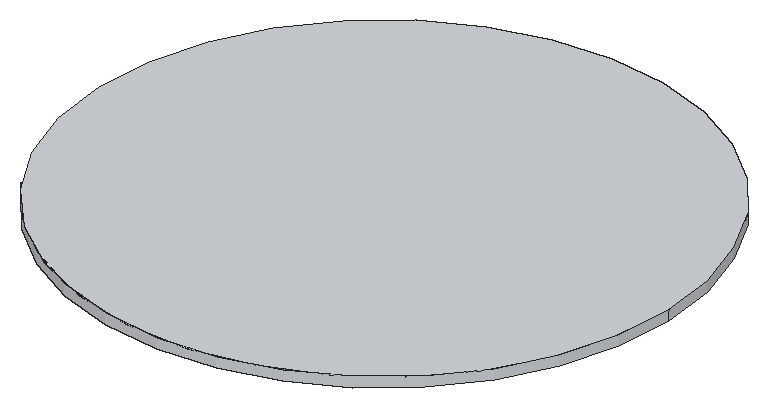
Revit family "CITY", category Lighting Fixtures, host Face, Revit 2023 (continued)
Types (10, lengths in mm): name | Radio | Photometric Web File | built-in parameter 1150142 | Manufacturer | LuxLight_Watios | LuxLight_Temperatura | LuxLight_Lumenes
  LISUP0584 | 297 | "LISUP058401 .ies" | "IESNA:LM-63-2002\r\n[TEST] Viso  - serial: n/a sensor serial: n/a\r\n[TESTLAB] Viso  - serial: n/a sensor serial: n/a - Test lab\r\n[MANUFAC] LUX LIGHT\r\n[ISSUEDATE] 12/9/2025\r\n[LUMINAIRE] CITY ROUND 4000K 5W Ø80x55\r\n[LUMCAT] N/A\r\nTILT=NONE\r\n1 370 1 181 17 1 2 -0.075 -0.075 0\r\n1.0 1.0 5.00\r\n0 1 2 3 4 5 6 7 8 9 10 11 12 13 14 15 16 17 18 19 20 21 22 23 24 25 26 27 28 29 30 31 32 33 34 35 36 37 38 39 40 41 42 43 44 45 46 47 48 49 50 51 52 53 54 55 56 57 58 59 60 61 62 63 64 65 66 67 68 69 70 71 72 73 74 75 76 77 78 79 80\r\n 81 82 83 84 85 86 87 88 89 90 91 92 93 94 95 96 97 98 99 100 101 102 103 104 105 106 107 108 109 110 111 112 113 114 115 116 117 118 119 120 121 122 123 124 125 126 127 128 129 130 131 132 133 134 135 136 137 138 139 140 141 142 143\r\n 144 145 146 147 148 149 150 151 152 153 154 155 156 157 158 159 160 161 162 163 164 165 166 167 168 169 170 171 172 173 174 175 176 177 178 179 180\r\n0 22.5 45 67.5 90 112.5 135 157.5 180 202.5 225 247.5 270 292.5 315 337.5 360 \r\n142.145828 142.009399 141.939102 141.761505 141.565399 141.306412 140.966034 140.625626 140.222351 139.756165 139.289978 138.690598 138.143005 137.525131 136.77034 136.056274 135.208984 134.432022 133.573624 132.604263 131.642288 130.66922\r\n 129.500046 128.427078 127.228317 126.081345 124.889977 123.517319 122.20385 120.901489 119.380836 118.015572 116.435722 114.926155 113.427704 111.67025 110.086693 108.403244 106.501495 104.803246 102.860802 100.970154 99.160904 97.011269\r\n 94.961525 92.978378 90.691841 88.634697 86.237167 84.065331 81.904587 79.333168 77.017029 74.493698 72.055473 69.706032 66.957016 64.529884 62.05835 59.20573 56.704601 53.922279 51.232452 48.546329 45.671509 42.922489 40.277061 37.380047\r\n 34.590324 31.663708 28.873985 26.228559 23.268644 20.427124 17.533806 14.473991 11.673171 8.550459 6.01603 3.710995 2.149639 1.631654 1.261665 0.910174 0.640082 0.432888 0.299692 0.207194 0.166495 0.144296 0.144296 0.144296 0.155396\r\n 0.155396 0.166495 0.177595 0.184995 0.196094 0.207194 0.218294 0.236793 0.236793 0.247893 0.270092 0.270092 0.299692 0.310791 0.321891 0.329291 0.35149 0.36259 0.381089 0.403289 0.414388 0.432888 0.455087 0.484686 0.484686 0.495786\r\n 0.517985 0.529085 0.547585 0.569784 0.577184 0.577184 0.599383 0.621582 0.628982 0.651182 0.662281 0.680781 0.691881 0.71408 0.72518 0.732579 0.754779 0.765878 0.784378 0.806577 0.817677 0.836176 0.847276 0.858376 0.869475 0.887975\r\n 0.899075 0.910174 0.921274 0.939773 0.961973 0.973073 0.973073 0.973073 0.980472 0.980472 1.002672 1.024871 1.013771 1.032271 1.032271 1.043371 1.05447 1.06557 1.06557 1.084069 1.084069 1.106269 1.095169 1.106269 1.106269 1.117369\r\n 1.117369 1.128468 1.135868 1.135868 1.158067 1.135868 1.135868 1.135868 1.146968 1.146274\r\n142.145828 142.124084 142.009399 141.854004 141.639404 141.369324 141.040024 140.688538 140.233444 139.807968 139.301071 138.712799 138.154114 137.480728 136.77034 136.004471 135.157181 134.328415 133.462631 132.459961 131.516495 130.513824\r\n 129.418655 128.26059 127.072914 125.94445 124.71608 123.339722 122.02626 120.672096 119.184746 117.738083 116.165627 114.604263 113.135414 111.37796 109.787003 108.173851 106.2314 104.422157 102.487106 100.637161 98.694717 96.533974\r\n 94.621132 92.523293 90.332954 88.131516 85.815384 83.551041 81.368103 78.826279 76.573044 73.916519 71.589279 69.099251 66.46122 63.919399 61.436768 58.573048 56.020123 53.289597 50.581272 47.969147 44.99073 42.363808 39.729477 36.677067\r\n 33.990944 30.949629 28.293102 25.514481 22.547165 19.735243 17.04542 13.996705 11.351279 8.528259 5.849535 3.433503 2.108941 1.664953 1.272764 0.928674 0.662281 0.455087 0.310791 0.218294 0.184995 0.155396 0.166495 0.155396 0.166495\r\n 0.166495 0.177595 0.184995 0.196094 0.207194 0.218294 0.225694 0.236793 0.258993 0.277492 0.288592 0.299692 0.310791 0.321891 0.34039 0.35149 0.373689 0.392189 0.425488 0.455087 0.466187 0.517985 0.517985 0.529085 0.529085 0.558684\r\n 0.569784 0.588283 0.610483 0.628982 0.628982 0.651182 0.680781 0.680781 0.691881 0.71408 0.71408 0.743679 0.754779 0.765878 0.784378 0.806577 0.817677 0.836176 0.847276 0.869475 0.880575 0.887975 0.910174 0.921274 0.939773 0.950873\r\n 0.973073 0.980472 1.002672 1.013771 1.024871 1.032271 1.043371 1.05447 1.06557 1.06557 1.07667 1.084069 1.095169 1.117369 1.117369 1.117369 1.095169 1.084069 1.084069 1.095169 1.106269 1.106269 1.106269 1.117369 1.128468 1.128468\r\n 1.135868 1.146968 1.146968 1.146968 1.146968 1.158067 1.158067 1.158067 1.158067 1.146274\r\n142.145828 142.227692 142.112991 141.946503 141.742996 141.495117 141.151016 140.71814 140.292648 139.83757 139.31218 138.723892 138.165207 137.462219 136.788834 135.971176 135.105392 134.265518 133.388641 132.397064 131.4758 130.462021\r\n 129.274353 128.145889 126.906425 125.707649 124.52739 123.121429 121.852364 120.464905 118.966446 117.58268 115.958427 114.378571 112.869019 111.048676 109.465111 107.770561 105.86882 104.059563 102.094925 100.267166 98.39502 96.119591\r\n 94.095741 92.079308 89.844566 87.643127 85.319595 83.033058 80.831619 78.267593 75.992157 73.357834 70.978798 68.599762 65.839645 63.286716 60.807789 58.047665 55.39854 52.608814 49.922691 47.314266 44.328449 41.701527 38.930302 36.007385\r\n 33.350861 30.413141 27.66412 24.903997 22.029179 19.309757 16.705029 13.708114 11.184784 8.48756 6.212125 4.051385 2.201438 1.676053 1.280164 0.961973 0.680781 0.466187 0.321891 0.218294 0.166495 0.144296 0.144296 0.144296 0.155396\r\n 0.166495 0.166495 0.177595 0.184995 0.196094 0.207194 0.218294 0.236793 0.270092 0.288592 0.299692 0.288592 0.288592 0.310791 0.310791 0.321891 0.34039 0.35149 0.381089 0.392189 0.403289 0.425488 0.432888 0.443987 0.466187 0.484686\r\n 0.495786 0.517985 0.536485 0.558684 0.588283 0.621582 0.651182 0.662281 0.680781 0.70298 0.71408 0.732579 0.743679 0.754779 0.765878 0.776978 0.806577 0.828777 0.836176 0.847276 0.869475 0.887975 0.899075 0.921274 0.928674 0.961973\r\n 0.973073 0.991572 1.002672 1.013771 1.032271 1.043371 1.05447 1.06557 1.07667 1.084069 1.095169 1.106269 1.117369 1.128468 1.135868 1.135868 1.146968 1.158067 1.158067 1.169167 1.158067 1.117369 1.106269 1.106269 1.106269 1.106269\r\n 1.117369 1.106269 1.117369 1.128468 1.128468 1.128468 1.135868 1.135868 1.135868 1.146274\r\n142.145828 142.32019 142.20549 141.990906 141.8022 141.576508 141.184311 140.821732 140.366653 139.952255 139.456467 138.827484 138.194809 137.554718 136.788834 136.067368 135.186783 134.36911 133.44043 132.478455 131.464691 130.495316\r\n 129.303955 128.208786 126.93602 125.789055 124.53849 123.154732 121.819069 120.498207 118.936844 117.519791 115.854836 114.345276 112.732117 110.985771 109.26902 107.626266 105.683815 103.926369 101.939522 100.008179 98.136032 95.860596\r\n 93.88855 91.79071 89.555977 87.458138 84.997704 82.825867 80.498634 78.008606 75.611069 73.047043 70.545906 68.103981 65.210663 62.583733 59.856915 56.993195 54.199772 51.254654 48.546329 45.653015 42.508102 39.759079 36.976757 33.961342\r\n 31.116123 28.189505 25.451582 22.754358 20.075634 17.6966 15.26947 12.735042 10.389307 8.002874 5.860634 3.699896 2.005343 1.509557 1.187667 0.858376 0.640082 0.443987 0.321891 0.218294 0.166495 0.144296 0.144296 0.155396 0.155396\r\n 0.166495 0.155396 0.177595 0.196094 0.196094 0.218294 0.225694 0.258993 0.299692 0.288592 0.310791 0.321891 0.34039 0.36259 0.373689 0.381089 0.403289 0.392189 0.392189 0.392189 0.403289 0.425488 0.432888 0.443987 0.466187 0.484686\r\n 0.495786 0.517985 0.529085 0.547585 0.569784 0.599383 0.621582 0.628982 0.651182 0.673381 0.691881 0.70298 0.732579 0.754779 0.784378 0.795478 0.817677 0.836176 0.836176 0.858376 0.880575 0.887975 0.910174 0.928674 0.939773 0.950873\r\n 0.961973 0.961973 0.991572 1.013771 1.032271 1.043371 1.06557 1.06557 1.084069 1.095169 1.095169 1.117369 1.128468 1.135868 1.146968 1.146968 1.158067 1.169167 1.180267 1.187667 1.180267 1.158067 1.135868 1.146968 1.146968 1.135868\r\n 1.135868 1.128468 1.128468 1.146968 1.135868 1.146968 1.135868 1.135868 1.135868 1.146274\r\n142.145828 142.453384 142.309082 142.094482 141.887299 141.554306 141.20282 140.810638 140.355545 139.848663 139.334381 138.683197 138.061615 137.377121 136.592758 135.849075 134.938904 134.080521 133.192551 132.18988 131.146515 130.058731\r\n 128.911774 127.816597 126.514229 125.252571 124.064903 122.647842 121.264084 119.906219 118.348564 116.8908 115.18515 113.675598 112.062439 110.264297 108.536438 106.727196 104.825447 103.038391 100.947952 98.994408 97.051964 94.909721\r\n 92.800781 90.580841 88.346115 86.122475 83.610245 81.275612 78.815178 75.951454 73.40963 70.512611 67.959686 65.262459 62.398743 59.586823 56.712002 53.63369 50.729271 47.532562 44.753937 41.805122 38.734207 35.829788 32.936474 29.939554\r\n 27.024038 24.004923 21.141203 18.369982 14.988277 12.982934 10.400407 7.836379 6.090028 4.25858 2.893318 1.798149 1.354162 1.05447 0.817677 0.610483 0.443987 0.310791 0.236793 0.184995 0.166495 0.177595 0.184995 0.196094 0.196094\r\n 0.196094 0.184995 0.196094 0.207194 0.218294 0.236793 0.270092 0.288592 0.310791 0.321891 0.321891 0.34039 0.35149 0.36259 0.373689 0.403289 0.425488 0.425488 0.432888 0.455087 0.466187 0.484686 0.495786 0.517985 0.529085 0.547585\r\n 0.569784 0.577184 0.588283 0.610483 0.628982 0.651182 0.680781 0.70298 0.71408 0.732579 0.754779 0.765878 0.784378 0.795478 0.806577 0.828777 0.847276 0.858376 0.880575 0.899075 0.910174 0.921274 0.939773 0.961973 0.973073 0.991572\r\n 0.991572 1.002672 1.013771 1.032271 1.05447 1.06557 1.07667 1.07667 1.095169 1.106269 1.117369 1.128468 1.135868 1.158067 1.158067 1.169167 1.180267 1.158067 1.135868 1.146968 1.146968 1.146968 1.169167 1.146968 1.135868 1.146968\r\n 1.135868 1.158067 1.158067 1.158067 1.158067 1.169167 1.146968 1.158067 1.158067 1.146274\r\n142.145828 141.928009 141.7948 141.587601 141.358215 141.091812 140.769928 140.388855 139.900467 139.456467 138.919983 138.331696 137.669418 137.047836 136.25235 135.508682 134.650299 133.821533 132.892853 131.879074 130.876404 129.86264\r\n 128.715668 127.587204 126.329239 125.097176 123.876205 122.42955 121.138283 119.73233 118.233864 116.765015 115.070457 113.549797 112.010643 110.168098 108.410637 106.704994 104.732948 102.9422 100.947952 98.994408 97.070457 94.806129\r\n 92.793381 90.477249 88.27581 86.133575 83.662041 81.316315 78.959473 76.354752 73.676025 70.760506 68.011482 65.488152 62.628136 59.805115 57.056091 53.840881 50.914265 47.85445 44.916733 42.127014 38.941402 36.181282 33.28796 30.113451\r\n 27.323729 24.097422 21.263302 18.514277 15.743056 13.253026 10.803696 8.50976 6.700511 4.983759 3.433503 1.983144 1.394861 1.084069 0.828777 0.610483 0.432888 0.299692 0.225694 0.177595 0.155396 0.155396 0.155396 0.166495 0.177595\r\n 0.166495 0.184995 0.166495 0.177595 0.196094 0.225694 0.247893 0.258993 0.270092 0.288592 0.299692 0.321891 0.329291 0.34039 0.35149 0.373689 0.381089 0.403289 0.414388 0.432888 0.455087 0.477287 0.495786 0.506886 0.529085 0.536485\r\n 0.558684 0.569784 0.577184 0.599383 0.621582 0.628982 0.662281 0.673381 0.691881 0.71408 0.72518 0.743679 0.765878 0.776978 0.795478 0.806577 0.828777 0.836176 0.858376 0.880575 0.887975 0.899075 0.921274 0.939773 0.950873 0.973073\r\n 0.980472 0.980472 0.991572 1.002672 1.013771 1.013771 1.013771 1.024871 1.032271 1.043371 1.05447 1.043371 1.07667 1.05447 1.05447 1.06557 1.084069 1.084069 1.095169 1.106269 1.106269 1.117369 1.117369 1.128468 1.128468 1.135868 1.135868\r\n 1.135868 1.146968 1.146968 1.146968 1.146968 1.146968 1.158067 1.146968 1.146274\r\n142.145828 141.835495 141.720795 141.543198 141.369324 141.099213 140.747726 140.377747 139.922653 139.46756 139.001373 138.383499 137.791504 137.140335 136.396652 135.641876 134.816803 133.95842 133.088943 132.064072 131.146515 130.099442\r\n 128.985764 127.846199 126.628929 125.396866 124.198097 122.843933 121.500877 120.10601 118.62606 117.127594 115.536644 113.953087 112.454628 110.604683 108.969322 107.222977 105.310135 103.460182 101.495537 99.501289 97.588448 95.357414\r\n 93.352066 91.00264 88.904793 86.673759 84.191124 81.886086 79.507057 76.976334 74.534401 71.951874 69.458138 67.008804 64.196892 61.581066 59.079933 56.268013 53.559689 50.540573 47.750854 45.061031 42.104813 39.170795 36.492069 33.565453\r\n 30.805332 27.934212 25.244389 22.680361 19.827742 17.182316 14.670086 11.795267 9.386635 6.852207 4.580471 2.552928 1.664953 1.280164 0.973073 0.70298 0.484686 0.321891 0.218294 0.166495 0.144296 0.144296 0.144296 0.144296 0.155396\r\n 0.155396 0.166495 0.177595 0.184995 0.207194 0.225694 0.247893 0.258993 0.270092 0.288592 0.310791 0.310791 0.321891 0.34039 0.35149 0.36259 0.381089 0.392189 0.403289 0.425488 0.432888 0.455087 0.484686 0.495786 0.506886 0.529085\r\n 0.536485 0.558684 0.577184 0.599383 0.610483 0.621582 0.640082 0.651182 0.673381 0.680781 0.70298 0.71408 0.732579 0.754779 0.776978 0.784378 0.795478 0.817677 0.828777 0.847276 0.858376 0.880575 0.887975 0.910174 0.910174 0.939773\r\n 0.950873 0.973073 0.973073 0.980472 0.980472 0.980472 0.991572 1.002672 1.013771 1.024871 1.032271 1.043371 1.032271 1.032271 1.043371 1.043371 1.05447 1.06557 1.06557 1.07667 1.084069 1.095169 1.095169 1.106269 1.106269 1.117369\r\n 1.117369 1.128468 1.128468 1.135868 1.135868 1.135868 1.146968 1.146968 1.146968 1.146274\r\n142.145828 141.876205 141.835495 141.669006 141.484024 141.213913 140.862427 140.573837 140.140945 139.726563 139.219681 138.649887 138.050507 137.421524 136.666733 135.971176 135.168289 134.317322 133.44043 132.459961 131.505386 130.524918\r\n 129.418655 128.290176 127.084015 125.851952 124.675385 123.276817 121.996658 120.631401 119.155144 117.69738 116.043526 114.563576 112.939316 111.244766 109.528008 107.855659 105.961311 104.122459 102.043121 100.100677 98.187828 96.060394\r\n 93.958855 91.727814 89.618874 87.428535 84.957001 82.640877 80.284035 77.782913 75.32988 72.747345 70.224014 67.693291 65.025665 62.428341 59.771812 56.970993 54.395866 51.439651 48.857124 46.108101 43.100082 40.450958 37.67234 34.619923\r\n 31.944901 28.885086 26.228559 23.468439 20.571421 17.811298 15.188072 12.239255 9.593829 6.896605 4.443574 2.367933 1.694552 1.302363 0.980472 0.680781 0.495786 0.321891 0.218294 0.166495 0.144296 0.133196 0.133196 0.144296 0.144296\r\n 0.155396 0.177595 0.177595 0.184995 0.207194 0.236793 0.247893 0.270092 0.277492 0.288592 0.299692 0.321891 0.321891 0.34039 0.35149 0.373689 0.392189 0.403289 0.414388 0.432888 0.443987 0.466187 0.466187 0.495786 0.506886 0.529085\r\n 0.536485 0.536485 0.569784 0.588283 0.599383 0.621582 0.651182 0.651182 0.651182 0.680781 0.691881 0.71408 0.732579 0.743679 0.765878 0.776978 0.795478 0.806577 0.817677 0.836176 0.858376 0.869475 0.887975 0.899075 0.910174 0.928674\r\n 0.939773 0.961973 0.961973 0.980472 0.991572 1.013771 1.024871 1.032271 1.043371 1.05447 1.06557 1.07667 1.06557 1.06557 1.06557 1.06557 1.07667 1.07667 1.084069 1.07667 1.084069 1.07667 1.095169 1.106269 1.128468 1.117369 1.128468\r\n 1.128468 1.128468 1.128468 1.135868 1.135868 1.135868 1.135868 1.146968 1.146274\r\n142.145828 142.009399 141.946503 141.7948 141.595001 141.380417 141.069611 140.747726 140.366653 139.911545 139.445358 138.827484 138.298401 137.647217 136.966446 136.230148 135.40509 134.639206 133.751236 132.778168 131.816177 130.8246\r\n 129.74054 128.686066 127.424408 126.214546 125.045372 123.713417 122.388855 121.075386 119.547325 118.159866 116.528214 115.029755 113.435104 111.648048 110.023796 108.288551 106.427498 104.596046 102.601807 100.659363 98.768715 96.637573\r\n 94.550835 92.234695 90.125763 87.931717 85.471291 83.210655 80.95372 78.360085 76.025459 73.335632 70.949203 68.396271 65.728645 63.153519 60.526596 57.747971 55.058147 52.205528 49.467606 46.725983 43.780865 41.031845 38.26062 35.334003\r\n 32.63678 29.565866 26.846443 23.971624 20.852613 18.110989 15.206571 12.187457 9.305238 6.452618 4.084684 2.334634 1.642754 1.272764 0.950873 0.673381 0.466187 0.310791 0.218294 0.166495 0.144296 0.144296 0.133196 0.144296 0.155396\r\n 0.166495 0.177595 0.17759
